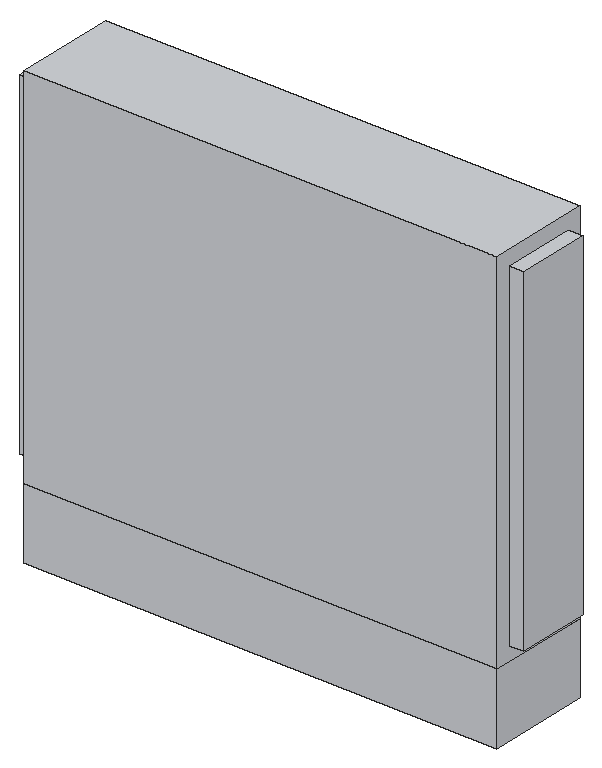
Revit family "Painel de Pré-filtro AHU - HDT", category Equipamento mecânico, Revit 2019
Family settings
  Cota do conector redondo = Utilizar diâmetro
  Tipo de parte = Normal
  ID de item do Seek = AHU Filter - Cartridge-0000-CAN-ENU
  Com base no plano de trabalho = Não
  Sempre na vertical = Sim
  Corte com vazios quando carregada = Não
  Compartilhado = Não
  Ponto de cálculo do ambiente = Não
Parameters (values of type "Padrão")
  Material base = none
  Queda de pressão do ar [instance] = 125.0 Pa
  Largura do filtro = 175 mm
  Material do filtro = none
  Comprimento do filtro = 800 mm
  Altura do filtro = 745 mm
  Largura do duto = 800 mm
  Altura do duto = 625 mm
  Altura base = 120 mm
  Velocidade do ar [instance] = 2.54 m/s
  Fluxo de ar [instance] = Velocidade do ar * Altura do duto * Largura do duto  # 1270.0 L/s
Reference planes
  plane 1 "Parte frontal": y = 0
  plane 2: z = 0
  plane 3 "Centro (direita/esquerda)": x = 0
  plane 4: x = -400
  plane 5: x = 400
  plane 6 "Parte posterior": y = 175
  plane 7 "Superior": z = 745
  plane 8: y = 149.6
  plane 9: z = 719.6
  plane 10 "Direita": x = 425.4
  plane 11 "Esquerda": x = -425.4
  plane 12: x = -400
  plane 13: x = 400
  plane 14 "Inferior": z = 0
  plane 15 "Base": z = 120
  plane 16: z = 145
  plane 17 "Centro (Frente/Trás)": y = 87.5
  plane 18: y = 25
Forms (mm)
  Extrusion 1, solid, material <- "Material do filtro", detail levels medium+fine
    sketch origin (0, 0, 0) x (1, 0, 0) y (0, 1, 0)
      loop
        line (-400, 175) -> (-400, 0) -> (400, 0) -> (400, 175) -> (-400, 175)
    from 120 to 745
  Extrusion 2, solid, material <- "Material do filtro", detail levels medium+fine
    sketch origin (0, 0, 0) x (0, 1, 0) y (0, 0, 1)
      loop
        line (25, 719.6) -> (25, 145) -> (149.6, 145) -> (149.6, 719.6) -> (25, 719.6)
    from 400 to 425.4
  Extrusion 3, solid, material <- "Material do filtro", detail levels medium+fine
    sketch origin (0, 0, 0) x (0, 1, 0) y (0, 0, 1)
      loop
        line (149.6, 719.6) -> (25, 719.6) -> (25, 145) -> (149.6, 145) -> (149.6, 719.6)
    from -425.4 to -400
  Extrusion 4, solid, material <- "Material do filtro", detail levels coarse
    sketch origin (0, 0, 0) x (1, 0, 0) y (0, 1, 0)
      loop
        line (-425.4, 175) -> (-425.4, 0) -> (425.4, 0) -> (425.4, 175) -> (-425.4, 175)
    from 120 to 745
  Extrusion 5, solid, material <- "Material base"
    sketch origin (0, 0, 0) x (1, 0, 0) y (0, 1, 0)
      loop
        line (-400, 175) -> (-400, 0) -> (400, 0) -> (400, 175) -> (-400, 175)
    from 0 to 120
Cuts and joins
  joined: Extrusion 1, Extrusion 2, Extrusion 3
Dimensions and locks
  equal spacing: plane 4, plane 3 "Centro (direita/esquerda)", plane 5
  "Largura do filtro": plane 6 "Parte posterior" to plane 1 "Parte frontal"
  "Altura do filtro": plane 7 "Superior" to plane 2
  locked: plane 8 to plane 6 "Parte posterior" at 25.4
  locked: plane 7 "Superior" to plane 9 at 25.4
  locked: plane 5 to plane 10 "Direita" at 25.4
  locked: plane 11 "Esquerda" to plane 4 at 25.4
  equal spacing: plane 13, plane 3 "Centro (direita/esquerda)", plane 12
  "Largura do duto": plane 13 to plane 12
  "Altura base": plane 15 "Base" to plane 14 "Inferior"
  locked: plane 16 to plane 15 "Base" at 25
  locked: plane 18 to plane 1 "Parte frontal" at 25
  equal spacing: plane 5, plane 3 "Centro (direita/esquerda)", plane 4
  "Comprimento do filtro": plane 5 to plane 4
  equal spacing: plane 6 "Parte posterior", plane 17 "Centro (Frente/Trás)", plane 1 "Parte frontal"
  aligned and locked: plane 7 "Superior" to Extrusion 1
  aligned and locked: plane 1 "Parte frontal" to Extrusion 1
  aligned and locked: plane 6 "Parte posterior" to Extrusion 1
  aligned and locked: plane 10 "Direita" to Extrusion 2
  aligned and locked: plane 8 to Extrusion 2
  aligned and locked: Extrusion 2 to plane 5
  aligned and locked: Extrusion 3 to plane 11 "Esquerda"
  aligned and locked: plane 8 to Extrusion 3
  aligned and locked: plane 4 to Extrusion 3
  aligned and locked: Extrusion 4 to plane 11 "Esquerda"
  aligned and locked: plane 6 "Parte posterior" to Extrusion 4
  aligned and locked: plane 10 "Direita" to Extrusion 4
  aligned and locked: plane 1 "Parte frontal" to Extrusion 4
  aligned and locked: plane 6 "Parte posterior" to cut or joined group of Extrusion 1, Extrusion 2, Extrusion 3
  aligned and locked: plane 7 "Superior" to Extrusion 4
  aligned and locked: Extrusion 2 to Extrusion 3  (x2)
  aligned and locked: Extrusion 3 to plane 18
  aligned and locked: Extrusion 4 to plane 15 "Base"
  aligned and locked: cut or joined group of Extrusion 1, Extrusion 2, Extrusion 3 to plane 15 "Base"
  aligned and locked: plane 15 "Base" to Extrusion 5
  aligned and locked: Extrusion 5 to plane 14 "Inferior"
Automatic sketch dimensions
  Extrusion 1 sketch curve to plane 4 = 0 mm
  plane 1 "Parte frontal" to Extrusion 1 sketch curve = 0 mm
  Extrusion 1 sketch curve to plane 5 = 0 mm
  Extrusion 1 sketch curve to plane 6 "Parte posterior" = 0 mm
  Extrusion 2 sketch curve to plane 9 = 0 mm
  Extrusion 2 sketch curve to plane 18 = 0 mm
  Extrusion 2 sketch curve to plane 8 = 0 mm
  Extrusion 2 sketch curve to plane 16 = 0 mm
  Extrusion 3 sketch curve to plane 9 = 0 mm
  Extrusion 3 sketch curve to plane 18 = 0 mm
  Extrusion 3 sketch curve to plane 8 = 0 mm
  Extrusion 3 sketch curve to plane 16 = 0 mm
  Extrusion 4 sketch curve to plane 6 "Parte posterior" = 0 mm
  Extrusion 4 sketch curve to plane 11 "Esquerda" = 0 mm
  plane 1 "Parte frontal" to Extrusion 4 sketch curve = 0 mm
  Extrusion 4 sketch curve to plane 10 "Direita" = 0 mm
  Extrusion 5 sketch curve to plane 4 = 0 mm
  plane 1 "Parte frontal" to Extrusion 5 sketch curve = 0 mm
  Extrusion 5 sketch curve to plane 5 = 0 mm
  Extrusion 5 sketch curve to plane 6 "Parte posterior" = 0 mm
Connectors
  hvac at (0, 0, 432.5), driven by "Fluxo de ar", driven by "Altura do duto", driven by "Largura do duto"
    settings: on cut or joined group of Extrusion 1, Extrusion 2, Extrusion 3, index 1, duct flow 1270.0 L/s, flow factor 0, pres drop 0.0 Pa, loss coef 0, conn angle 0.00°, conn width 800 mm, conn height 625 mm, conn diameter 609.6 mm, duct sys type 1, conn prof type 1, flow config 0, flow direction 0, loss method 0, conn ref index 2, conn util no, is conn primary yes, conn desc ""
  hvac at (0, 175, 432.5), driven by "Queda de pressão do ar", driven by "Fluxo de ar", driven by "Altura do duto", driven by "Largura do duto"
    settings: on cut or joined group of Extrusion 1, Extrusion 2, Extrusion 3, index 2, duct flow 1270.0 L/s, flow factor 0, pres drop 125.0 Pa, loss coef 0, conn angle 0.00°, conn width 800 mm, conn height 625 mm, conn diameter 609.6 mm, duct sys type 1, conn prof type 1, flow config 0, flow direction 0, loss method 4, conn ref index 1, conn util no, is conn primary no, conn desc ""
Types in the file's own list only (18): name | Comprimento do filtro | Altura do filtro | Largura do duto | Altura do duto
  Para 0.24 metros quadrados de serpentina | 800 mm | 745 mm | 800 mm | 625 mm
  Para 0.31 metros quadrados de serpentina | 975 mm | 745 mm | 975 mm | 625 mm
  Para 0.47 metros quadrados de serpentina | 1325 mm | 745 mm | 1325 mm | 625 mm
  Para 0.67 metros quadrados de serpentina | 1325 mm | 920 mm | 1325 mm | 800 mm
  Para 0.78 metros quadrados de serpentina | 1500 mm | 920 mm | 1500 mm | 800 mm
  Para 0.98 metros quadrados de serpentina | 1500 mm | 1095 mm | 1500 mm | 975 mm
  Para 1.13 metros quadrados de serpentina | 1675 mm | 1095 mm | 1675 mm | 975 mm
  Para 1.57 metros quadrados de serpentina | 1850 mm | 1270 mm | 1850 mm | 1150 mm
  Para 1.88 metros quadrados de serpentina | 1675 mm | 1620 mm | 1675 mm | 1500 mm
  Para 2.12 metros quadrados de serpentina | 1850 mm | 1620 mm | 1850 mm | 1500 mm
  Para 2.44 metros quadrados de serpentina | 2025 mm | 1795 mm | 2025 mm | 1675 mm
  Para 2.88 metros quadrados de serpentina | 2025 mm | 1970 mm | 2025 mm | 1850 mm
  Para 3.17 metros quadrados de serpentina | 2200 mm | 1970 mm | 2200 mm | 1850 mm
  Para 3.46 metros quadrados de serpentina | 2375 mm | 1970 mm | 2375 mm | 1850 mm
  Para 3.86 metros quadrados de serpentina | 2375 mm | 2145 mm | 2375 mm | 2025 mm
  Para 4.19 metros quadrados de serpentina | 2375 mm | 2320 mm | 2375 mm | 2200 mm
  Para 5.25 metros quadrados de serpentina | 2900 mm | 2320 mm | 2900 mm | 2200 mm
  Para 6.16 metros quadrados de serpentina | 2900 mm | 2670 mm | 2900 mm | 2550 mm
